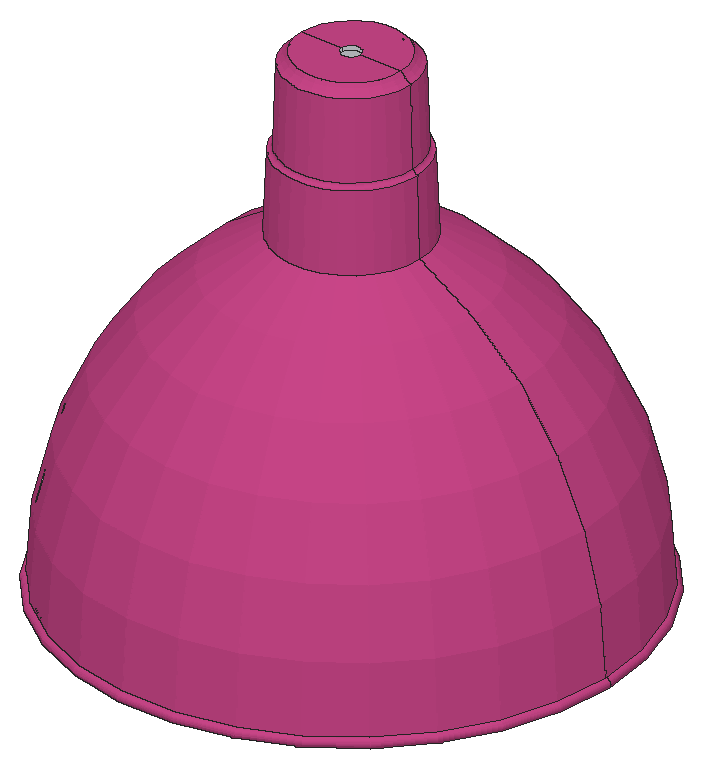
Revit family "D614 SHADE", category Lighting Fixtures, Revit 2024
Family settings
  Round Connector Dimension = Use Diameter
  Part Type = Normal
  OmniClass Number = 23.80.70.00
  OmniClass Title = Lighting
  Work Plane-Based = No
  Always vertical = Yes
  Cut with Voids When Loaded = No
  Light Source = Yes
  Maintain Annotation Orientation = No
  Shared = No
  Room Calculation Point = No
Parameters
  Wattage = 12.1178 W
  built-in parameter 1150110 = 1 (stored number, unit not read)
  built-in parameter 1114217 = 1 (stored number, unit not read)
  built-in parameter 1150109 = 1 (stored number, unit not read)
  built-in parameter 1150134 = (empty or 0)
  built-in parameter 1150113 = 1 (stored number, unit not read)
  Lumens = 1800 lm
  built-in parameter 1150115 = 1 (stored number, unit not read)
  built-in parameter 1150105 = 572.96 (stored number, unit not read)
  Light Source Symbol Size = 2' - 0"
  built-in parameter 1150137 = (empty or 0)
  built-in parameter 1150139 = (empty or 0)
  built-in parameter 1150112 = 1 (stored number, unit not read)
  built-in parameter 1150114 = 1 (stored number, unit not read)
  built-in parameter 1150132 = 2
  built-in parameter 1150102 = (empty or 0)
  built-in parameter 1150138 = (empty or 0)
  built-in parameter 1150107 = 3000 (stored number, unit not read)
  built-in parameter 1150106 = 5.7296 (stored number, unit not read)
  built-in parameter 1150104 = 13.8 (stored number, unit not read)
  Dimming Lamp Color Temperature Shift = (empty or 0)
  Default Elevation = 0' - 0"
  Color Filter = 16777215
  built-in parameter 1114218 = 1 (stored number, unit not read)
  built-in parameter 1150133 = 10 (stored number, unit not read)
Reference planes (in)
  plane 1 "Light Source Axis (F/B)": y = 0
  plane 2: z = 0
  plane 3 "Light Source Axis (L/R)": x = 0
  plane 4 "Light Source Elevation": z = 84
Forms (in)
  Revolve 1, solid
    sketch origin (0, 0, 0) x (1, 0, 0) y (0, 0, 1)
      loop
        line (-0.25, 97) -> (-1.35, 97)
        arc (-1.35, 97) -> (-1.45792, 96.85792) -> (-1.6, 96.75) r 0.65896
        line (-1.6, 96.75) -> (-1.66984, 94.75)
        arc (-1.66984, 94.75) -> (-1.70645, 94.66161) -> (-1.79484, 94.625) r 0.125
        line (-1.79484, 94.625) -> (-1.86468, 92.625)
        arc (-1.86468, 92.625) -> (-5.58842, 89.16651) -> (-6.875, 84.25) r 9.09419
        arc (-6.875, 84.25) -> (-6.93959, 84.01414) -> (-6.77967, 84.19915) r 0.12537
        arc (-6.77967, 84.19915) -> (-5.50743, 89.11927) -> (-1.77294, 92.56597) r 9.00044
        line (-1.77294, 92.56597) -> (-1.70361, 94.55118)
        arc (-1.70361, 94.55118) -> (-1.61122, 94.63112) -> (-1.5761, 94.74814) r 0.21875
        line (-1.5761, 94.74814) -> (-1.50806, 96.69644)
        arc (-1.50806, 96.69644) -> (-1.3924, 96.79086) -> (-1.29765, 96.90625) r 0.75271
        line (-1.29765, 96.90625) -> (-0.25, 96.90625) -> (-0.25, 97)
      axis (0, 97) -> (0, 84.19915)
    angle from 0 to 360
Dimensions and locks (in)
  aligned and locked: plane 3 "Light Source Axis (L/R)" to imposter light
  aligned and locked: plane 1 "Light Source Axis (F/B)" to imposter light
  aligned and locked: plane 4 "Light Source Elevation" to imposter light
  aligned and locked: level to plane 2
